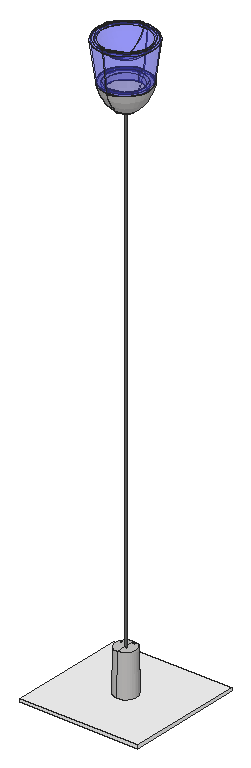
Revit family "BE_56567.2_de_DE", category Leuchten, Revit 2020
Family settings
  Basisbauteil = Fläche
  Bemaßung runder Anschluss = Durchmesser verwenden
  Teiletyp = Normal
  Beim Laden mit Abzugskörper schneiden = Ja
  Lichtquelle = Ja
  Gemeinsam genutzt = Nein
  Raumberechnungspunkt = Ja
Parameters (values of type "BEGA_56567.2_K3")
  built-in parameter 1150104 = 11.613 (stored number, unit not read)
  Wattage = 19 W
  Default Elevation = 0 mm
  built-in parameter 1150113 = 1 (stored number, unit not read)
  built-in parameter 1114218 = 1 (stored number, unit not read)
  Umgebungstemperatur = "25 °C"
  URL = "http://www.bega.de/de/produkt/56567.2"
  Typenkommentare = "© 2022 BEGA. Wir behalten uns das Recht vor, technische Änderungen ohne vorherige Ankündigung vorzunehmen."  # constant formula
  built-in parameter 1150134 = 12
  built-in parameter 1150109 = 1 (stored number, unit not read)
  Strom = ""
  built-in parameter 1150110 = 1 (stored number, unit not read)
  Spannung = 239.996 V
  Sonderanfertigung = no
  Seriennummer [instance] = "Hier können Sie die eindeutige Seriennummer für das Facility Management eintragen."
  Schutzklasse = "I"
  Schutzart = "IP 20"
  Scheinlast = 0 VA
  Produktdatenblatt = "http://www.bega.de/download/Xrfa/db/56567.2.db.de.pdf"
  Oberflächentemperatur = ""
  Neigungswinkel = 0.00°
  Model = "56567.2K4"
  Material_18 = BEGA_Gummi_schwarz
  Material_17 = BEGA_Reflektor
  Material_15 = BEGA_Leuchtmedium_matt
  Material_11 = BEGA_Glas_opal
  Material_09 = BEGA_Glas_klar
  Material_06 = BEGA_Oberfläche_Edelstahl_gebürstet
  Material_05 = BEGA_Oberfläche_Aluminium Guss
  Material_03 = BEGA_Oberfläche_Weiss_matt
  Material_02 = BEGA_Oberfläche_Silber_matt
  Material_01 [instance] = BEGA_Oberfläche_Grafit_matt
  M_W = no
  M_G = no
  M_A = no
  Logo = 0
  built-in parameter 1114217 = 1 (stored number, unit not read)
  built-in parameter 1150139 = (empty or 0)
  built-in parameter 1150105 = 189 (stored number, unit not read)
  built-in parameter 1150114 = 1 (stored number, unit not read)
  Lumens = 2375 lm
  built-in parameter 1150115 = 1 (stored number, unit not read)
  Leuchtenlichtstrom = "1619 lm"
  Leuchtenanzahl = ""
  Lebensdauerkriterien = "L70B50 @ 25 °C = 500000 h"
  Lastklassifizierung = Beleuchtung
  built-in parameter 1150112 = 1 (stored number, unit not read)
  Lampenlichtstrom = "2200 lm"
  Lampe = "LED 13.5 W"
  LED_Modulbezeichnung = "LED-0328/940"
  Hersteller = "BEGA"  # constant formula
  Halbstreuwinkel = ""
  Gewicht = "2.5 kg"
  Gebrauchslageneinschränkung [instance] = ""
  Frequenz = "0/50-60 Hz"
  Farbwiedergabeindex = "CRI > 90"
  Farbtemperaturverschiebung bei Dämpfen der Lampe = <Keine Auswahl>
  Farbtemperatur = "4000 K"
  Color Filter = 16777215
  built-in parameter 1150133 = 10 (stored number, unit not read)
  Energieeffizienzklasse = "LED A++ - A"
  built-in parameter 1150137 = (empty or 0)
  built-in parameter 1150132 = (empty or 0)
  ENEC = "ja"
  Dimmbar [instance] = "DALI"
  Photometric Web File = "BE_56567.2K4.IES"
  CE_Konformität = "ja"
  Bestellnummer = "56567.2K4"
  Beschreibung_Sonderanfertigung = "Hier können Sie Informationen zur Sonderanfertigung eintragen."
  Beschreibung = "Pendelleuchte"
  built-in parameter 1150106 = 1.89 (stored number, unit not read)
  Befestigungsbohrung = ""
  Befestigungsabstand = ""
  Ballwurfsicher = ""
  BEGA_Intern_aus = yes
  BEGA_Intern_an = yes
  BEGA_Intern_Konstruktion = yes
  BEGA_Intern = yes
  BEGA_IES = yes
  BEGA_Dummy = no
  Anschlussleitung = ""
  Anschlussleistung [instance] = "15.5 W"
  Anschlusskasten = ""
  built-in parameter 1150107 = 4000 (stored number, unit not read)
  built-in parameter 1150102 = (empty or 0)
  built-in parameter 1150138 = (empty or 0)
  Aktualisierung = "2019-07-09T04:00:12"
  Abstand_zur_angestrahlten_Fläche [instance] = ""
  AC/DC = "AC/DC"
Reference planes
  plane 1 "Mitte (Vorne/Hinten)": y = 0
  plane 2: z = 0
  plane 3 "Mitte (Links/Rechts)": x = 0
  plane 4 "Links": x = -97.5
  plane 5 "Rechts": x = 97.5
  plane 6 "Unten": y = -97.524
  plane 7 "Oben": y = 97.524
  plane 8 "Vorne": z = 2000
  plane 9 "Hinten": z = 0
Forms (mm)
  Extrusion 1, solid, material "BEGA_Platte_Weiss"
    sketch origin (0, -1119.2, 0) x (1, 0, 0) y (0, 1, 0)
      loop
        line (-200, 1319.2) -> (-200, 919.2) -> (200, 919.2) -> (200, 1319.2) -> (-200, 1319.2)
    from 0 to -10
  Extrusion 2, solid, material "BEGA_Dummy_matt", visible <- "BEGA_Dummy"
    sketch origin (77.149, -76.023, 0) x (1, 0, 0) y (0, 1, 0)
      loop
        circle (-77.149, 76.023) r 97.5
    from 0 to 2000
Dimensions and locks
  plane 1 "Mitte (Vorne/Hinten)" to Extrusion 1 = 200 mm
  aligned and locked: plane 2 to Extrusion 1
  aligned and locked: level to Extrusion 1
Nested families
  nested 1: "BE_56567.2" at (0, 0, 0), type "BE_56567.2"
Connectors
  electrical at (0, 0, 0), driven by "Lastklassifizierung", driven by "Spannung", driven by "Scheinlast"
    settings: index 1, voltage 239.996 V, apparent load 0 VA, apparent load phase1 0 VA, apparent load phase2 0 VA, apparent load phase3 0 VA, power factor 1, load classification "Beleuchtung", number of poles 1, system type 31, power factor state 1, is connector primary yes, connector utility no, sub classification motor no, connector description ""
Definition of nested family "BE_56567.2"
  Parameters (values of type "BE_56567.2")
    Default Elevation = 1 mm
    URL = "http://www.bega.de/de/produkt"
    Type Comments = "© 2015 BEGA. Wir behalten uns das Recht vor, technische Änderungen ohne vorherige Ankündigung vorzunehmen. "  # constant formula
    Type Image = (empty or 0)
    Neigungswinkel_um_Z2 = 0.00°
    Neigungswinkel_um_Z1 = 0.00°
    Neigungswinkel_um_Y2 = 0.00°
    Neigungswinkel_um_Y1 = 0.00°
    Neigungswinkel_um_X2 = 0.00°
    Neigungswinkel_um_X1 = 0.00°
    Material_18 = none
    Material_17 = none
    Material_15 = none
    Material_11 = none
    Material_10 = none
    Material_09 = none
    Material_06 = none
    Material_05 = none
    Material_03 = none
    Material_02 = none
    Material_01 = none
    M_W = yes
    M_G = yes
    M_A = yes
    Länge_Platte = 300 mm  # constant formula
    Höhe_Platte = -10 mm  # constant formula
    Manufacturer = "BEGA"  # constant formula
    Drehwinkel_um_Z2 = 0.00°
    Drehwinkel_um_Z1 = 0.00°
    Breite_Platte = 300 mm  # constant formula
  Reference planes
    plane 1 "Mitte (Oben/Unten)": y = 0
    plane 2: z = 0
    plane 3 "Mitte (Links/Rechts)": x = 0
    plane 4: z = 2000
    plane 5: y = 97.524
    plane 6: y = -97.524
    plane 7: x = -97.5
    plane 8: x = 97.5
  Forms (mm)
    Extrusion 1, solid, detail levels medium
      sketch origin (0, 0, 0) x (1, 0, 0) y (0, 1, 0)
        loop
          line (-150, 150) -> (-150, -150) -> (150, -150) -> (150, 150) -> (-150, 150)
      from 0 to -10 <- "Höhe_Platte"
    Revolve 2, solid, material <- "Material_06", detail levels medium+fine
      sketch origin (0, 0, 0) x (0, 1, 0) y (0, 0, 1)
        loop
          line (-36.248, 0.5) -> (-34, 0.5) -> (-34, 2.676) -> (-32.481, 2.729) -> (-31.3, 138.025)
          arc (-31.3, 138.025) -> (-30.705, 139.423) -> (-29.3, 140) r 2
          line (-29.3, 140) -> (0, 140) -> (0, 143.501)
          arc (0, 143.501) -> (-17.512, 143.245) -> (-35.009, 142.479) r 600
          line (-35.009, 142.479) -> (-36.248, 0.5)
        axis (0, 0.5) -> (0, 143.501)
      angle from 0 to 360
    Revolve 3, solid, material <- "Material_05", detail levels medium+fine
      sketch origin (0, 0, 0) x (0, 1, 0) y (0, 0, 1)
        loop
          line (-32.14, 2) -> (-32.175, 1) -> (-33.765, 1) -> (-33.8, 0) -> (0, 0) -> (0, 2) -> (-32.14, 2)
        axis (0, 0) -> (0, 2)
      angle from 0 to 360
    Extrusion 4, void
      sketch origin (0, 0, 0) x (1, 0, 0) y (0, 1, 0)
        loop
          arc (-9.887, 12.652) -> (-16.053, -0.003) -> (-9.876, -12.652) r 16.053
          line (-9.876, -12.652) -> (9.484, -12.652)
          arc (9.484, -12.652) -> (15.815, -0.003) -> (9.495, 12.652) r 15.815
          line (9.495, 12.652) -> (-9.887, 12.652)
        loop
          circle (-0.016, 25) r 2.25
        loop
          circle (-0.016, -25) r 2.25
      from 0 to 3.541
    Revolve 5, solid, material <- "Material_11", detail levels medium+fine
      sketch origin (0, 0, 0) x (0, 1, 0) y (0, 0, 1)
        loop
          arc (-80.779, 1864.497) -> (-80.433, 1863.938) -> (-79.821, 1863.698) r 1.04
          line (-79.821, 1863.698) -> (-65.895, 1862.968) -> (-61, 1837.468) -> (-56.5, 1837.468) -> (-56.5, 1860.345)
          arc (-56.5, 1860.345) -> (-58.424, 1865.16) -> (-63.134, 1867.33) r 7
          line (-63.134, 1867.33) -> (-77.199, 1868.067)
          arc (-77.199, 1868.067) -> (-88.353, 1930.209) -> (-93.187, 1993.159) r 625.636
          arc (-93.187, 1993.159) -> (-92.403, 1995.163) -> (-90.42, 1996) r 2.768
          line (-90.42, 1996) -> (-84.307, 1996)
          arc (-84.307, 1996) -> (-82.67, 1995.511) -> (-81.565, 1994.209) r 3
          arc (-81.565, 1994.209) -> (-48.693, 1955.478) -> (0, 1941) r 89.121
          line (0, 1941) -> (0, 1945)
          arc (0, 1945) -> (-46.508, 1958.828) -> (-77.904, 1995.821) r 85.121
          arc (-77.904, 1995.821) -> (-80.486, 1998.863) -> (-84.311, 2000) r 7
          line (-84.311, 2000) -> (-92.275, 2000)
          arc (-92.275, 2000) -> (-96.032, 1998.418) -> (-97.525, 1994.624) r 5.252
          arc (-97.525, 1994.624) -> (-92.549, 1929.124) -> (-80.779, 1864.497) r 629.936
        axis (0, 1837.468) -> (0, 2000)
      angle from 0 to 360
    Revolve 6, solid, material <- "Material_06", detail levels medium+fine
      sketch origin (0, 0, 0) x (0, 1, 0) y (0, 0, 1)
        loop
          line (0.025, 1775.9) -> (0.025, 1779.75)
          arc (0.025, 1779.75) -> (-21.17, 1783.699) -> (-39.04, 1795.761) r 53.013
          arc (-39.04, 1795.761) -> (-62.198, 1826.889) -> (-76.386, 1863) r 146.692
          line (-76.386, 1863) -> (-80.4, 1863)
          arc (-80.4, 1863) -> (-65.84, 1825.416) -> (-41.834, 1793.04) r 150.592
          arc (-41.834, 1793.04) -> (-24.398, 1780.841) -> (-3.7, 1775.9) r 56.913
          line (-3.7, 1775.9) -> (0.025, 1775.9)
        axis (0.025, 1775.9) -> (0.025, 1863)
      angle from 0 to 360
    Revolve 7, solid, material <- "Material_18", detail levels medium+fine
      sketch origin (0, 0, 0) x (0, 1, 0) y (0, 0, 1)
        loop
          line (-2.51, 118.995) -> (0, 118.995) -> (0, 1796.8) -> (-2.51, 1796.8) -> (-2.51, 118.995)
        axis (0, 1796.8) -> (0, 118.995)
      angle from 0 to 360
  Cuts and joins
    Extrusion 4 cuts Revolve 3
  Dimensions and locks
    equal spacing: Extrusion 1 sketch curve, plane 3 "Mitte (Links/Rechts)", Extrusion 1 sketch curve
    equal spacing: Extrusion 1 sketch curve, plane 1 "Mitte (Oben/Unten)", Extrusion 1 sketch curve
    "Länge_Platte": Extrusion 1 sketch curve to Extrusion 1 sketch curve
    "Breite_Platte": Extrusion 1 sketch curve to Extrusion 1 sketch curve
    aligned and locked: Extrusion 1 to plane 2
    aligned and locked: level to Extrusion 1
  Automatic sketch dimensions
    Revolve 3 sketch curve to plane 1 "Mitte (Oben/Unten)" = 0 mm  (x2)
    Revolve 3 sketch curve to level = 0 mm  (x2)
    plane 1 "Mitte (Oben/Unten)" to Revolve 3 sketch curve = 32.14 mm
    Revolve 3 sketch curve to Revolve 3 sketch curve = 2.125 mm
    Revolve 3 sketch curve to Revolve 3 sketch curve = 0.035 mm  (x2)
    Revolve 3 sketch curve to Revolve 3 sketch curve = 1.59 mm
    level to Revolve 3 sketch curve = 1 mm
    Revolve 3 sketch curve to Revolve 3 sketch curve = 2 mm
    Extrusion 4 sketch curve to Extrusion 4 sketch curve = 0 mm  (x2)
    Extrusion 4 sketch curve to plane 3 "Mitte (Links/Rechts)" = 0 mm
    Extrusion 4 sketch curve to plane 3 "Mitte (Links/Rechts)" = 0.016 mm  (x2)
    Extrusion 4 sketch curve to plane 3 "Mitte (Links/Rechts)" = 9.876 mm
    Extrusion 4 sketch curve to plane 3 "Mitte (Links/Rechts)" = 9.887 mm
    plane 3 "Mitte (Links/Rechts)" to Extrusion 4 sketch curve = 9.484 mm
    plane 1 "Mitte (Oben/Unten)" to Extrusion 4 sketch curve = 25 mm
    Extrusion 4 sketch curve to plane 1 "Mitte (Oben/Unten)" = 0.004 mm
    Extrusion 4 sketch curve to Extrusion 4 sketch curve = 12.348 mm
    plane 1 "Mitte (Oben/Unten)" to Extrusion 4 sketch curve = 12.652 mm
    Revolve 2 sketch curve to plane 1 "Mitte (Oben/Unten)" = 0 mm  (x2)
    plane 1 "Mitte (Oben/Unten)" to Revolve 2 sketch curve = 29.3 mm
    Revolve 2 sketch curve to Revolve 2 sketch curve = 2 mm
    level to Revolve 2 sketch curve = 2.729 mm
    plane 1 "Mitte (Oben/Unten)" to Revolve 2 sketch curve = 32.481 mm
    Revolve 2 sketch curve to Revolve 2 sketch curve = 1.52 mm
    Revolve 2 sketch curve to Revolve 2 sketch curve = 3.709 mm
    level to Revolve 2 sketch curve = 0.5 mm
    Revolve 2 sketch curve to Revolve 2 sketch curve = 2.248 mm
    Revolve 2 sketch curve to level = 456.499 mm
    Revolve 2 sketch curve to Revolve 2 sketch curve = 0.053 mm
    Revolve 2 sketch curve to Revolve 2 sketch curve = 135.271 mm
    Revolve 2 sketch curve to Revolve 2 sketch curve = 0.025 mm
    Revolve 2 sketch curve to Revolve 2 sketch curve = 0 mm  (x4)
    Revolve 2 sketch curve to Revolve 2 sketch curve = 4.454 mm
    Revolve 2 sketch curve to Revolve 2 sketch curve = 46.562 mm
    plane 1 "Mitte (Oben/Unten)" to Revolve 6 sketch curve = 1.065 mm
    plane 1 "Mitte (Oben/Unten)" to Revolve 6 sketch curve = 3.7 mm
    Revolve 6 sketch curve to Revolve 6 sketch curve = 0 mm  (x8)
    Revolve 6 sketch curve to plane 1 "Mitte (Oben/Unten)" = 0.025 mm  (x2)
    Revolve 6 sketch curve to Revolve 6 sketch curve = 3.85 mm  (x2)
    Revolve 6 sketch curve to Revolve 6 sketch curve = 2.794 mm  (x2)
    Revolve 6 sketch curve to Revolve 6 sketch curve = 4.014 mm
    Revolve 6 sketch curve to Revolve 6 sketch curve = 2.721 mm
    Revolve 7 sketch curve to plane 1 "Mitte (Oben/Unten)" = 0 mm  (x2)
    Revolve 7 sketch curve to Revolve 7 sketch curve = 2.51 mm
    level to Revolve 7 sketch curve = 118.995 mm
    Revolve 7 sketch curve to Revolve 7 sketch curve = 50 mm
    plane 1 "Mitte (Oben/Unten)" to Revolve 6 sketch curve = 76.386 mm
    plane 4 to Revolve 6 sketch curve = 224.1 mm
    plane 4 to Revolve 7 sketch curve = 203.2 mm
    Revolve 7 sketch curve to Revolve 7 sketch curve = 502.805 mm
    Revolve 5 sketch curve to Revolve 5 sketch curve = 0 mm  (x12)
    Revolve 5 sketch curve to plane 1 "Mitte (Oben/Unten)" = 0 mm  (x2)
    plane 1 "Mitte (Oben/Unten)" to Revolve 5 sketch curve = 0 mm
    Revolve 5 sketch curve to Revolve 5 sketch curve = 4.5 mm
    Revolve 5 sketch curve to Revolve 5 sketch curve = 7 mm
    Revolve 5 sketch curve to Revolve 5 sketch curve = 2.395 mm
    Revolve 5 sketch curve to Revolve 5 sketch curve = 11.304 mm
    Revolve 5 sketch curve to Revolve 5 sketch curve = 2.568 mm
    Revolve 5 sketch curve to Revolve 5 sketch curve = 0.054 mm
    plane 4 to Revolve 5 sketch curve = 4 mm
    Revolve 5 sketch curve to Revolve 5 sketch curve = 0.004 mm
    Revolve 5 sketch curve to Revolve 5 sketch curve = 6.109 mm
    Revolve 5 sketch curve to plane 4 = 0 mm
    Revolve 5 sketch curve to Revolve 5 sketch curve = 1.855 mm
    Revolve 5 sketch curve to plane 4 = 9.529 mm
    Revolve 5 sketch curve to Revolve 5 sketch curve = 1.252 mm
    Revolve 5 sketch curve to Revolve 5 sketch curve = 1.516 mm
    Revolve 5 sketch curve to Revolve 5 sketch curve = 3 mm
    plane 4 to Revolve 5 sketch curve = 55 mm
    Revolve 5 sketch curve to Revolve 5 sketch curve = 4 mm
    Revolve 5 sketch curve to Revolve 5 sketch curve = 72.933 mm
    Revolve 5 sketch curve to Revolve 5 sketch curve = 3.33 mm
    Revolve 5 sketch curve to Revolve 5 sketch curve = 1.039 mm
    Revolve 5 sketch curve to Revolve 5 sketch curve = 5.099 mm
    Revolve 5 sketch curve to Revolve 5 sketch curve = 2.624 mm
    Revolve 5 sketch curve to Revolve 5 sketch curve = 2.629 mm
    Revolve 5 sketch curve to Revolve 5 sketch curve = 22.871 mm
    Revolve 5 sketch curve to plane 4 = 30.121 mm
    Revolve 5 sketch curve to Revolve 5 sketch curve = 2.762 mm
    plane 4 to Revolve 5 sketch curve = 4.179 mm
    Revolve 5 sketch curve to Revolve 5 sketch curve = 2.746 mm
    Revolve 5 sketch curve to Revolve 5 sketch curve = 21 mm
    Revolve 5 sketch curve to plane 1 "Mitte (Oben/Unten)" = 532.234 mm
    Revolve 5 sketch curve to plane 6 = 17.758 mm
    Revolve 5 sketch curve to Revolve 5 sketch curve = 6.402 mm
    radius of Extrusion 4 sketch curve = 2.25 mm  (x2)
